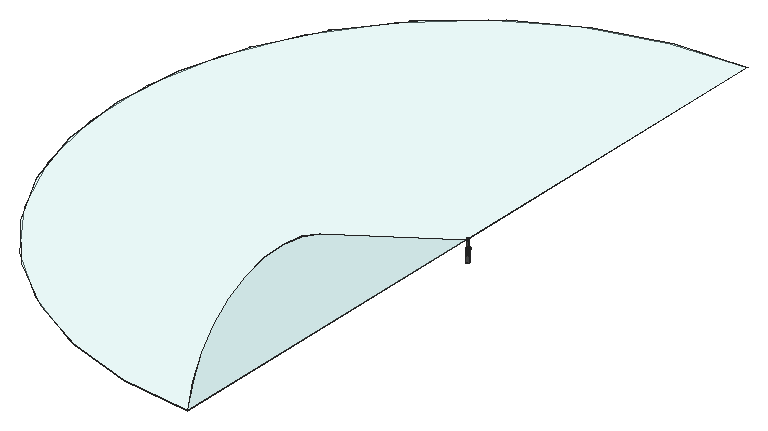
Revit family "Rotor 3500 Series - 3504PC", category Acessórios do tubo, Revit 2020
Family settings
  Cota do conector redondo = Utilizar diâmetro
  Tipo de parte = Normal
  Número OmniClass = 23.60.30.11.14
  Título OmniClass = Pipework Fittings
  Com base no plano de trabalho = Não
  Sempre na vertical = Sim
  Corte com vazios quando carregada = Não
  Compartilhado = Não
Parameters (values of type "Nozzle 0.75")
  Water = Water
  URL = "https://www.rainbird.com/"
  TABLE PRESSURE = "Press."
  TABLE 55 = "TABLE 55psi"
  TABLE 45 = "TABLE 45psi"
  TABLE 35 = "TABLE 35psi"
  TABLE 25 = "TABLE 25psi"
  SupportProjetos: Reviw Date = ""  # constant formula
  SupportProjetos: Reviw = "R00"  # constant formula
  SupportProjetos: Level of Detail = "LOD 300"  # constant formula
  SupportProjetos: Developed = "MICHEL SOARES MOTA"  # constant formula
  SupportProjetos: Creation Date = "06/08/2020"  # constant formula
  Side inlet = no
  Rotation Water Visibility [instance] = Pop up on  # yes
  Rotation Angle [instance] = 180.00°
  RainBird: Product Link = "https://www.rainbird.com/"
  RainBird: Description = "3504PC: 4 Rotor"  # constant formula
  RainBird: Comment [instance] = ""
  RainBird: Code = "Y34000"  # constant formula
  Radius [instance] = if(Instance = 1, size_lookup(TABLE PRESSURE, "Radius75", 0 ft, Pressure), if(Instance = 2, size_lookup(TABLE PRESSURE, "Radius1", 0 ft, Pressure), if(Instance = 3, size_lookup(TABLE PRESSURE, "Radius15", 0 ft, Pressure), if(Instance = 4, size_lookup(TABLE PRESSURE, "Radius2", 0 ft, Pressure), if(Instance = 5, size_lookup(TABLE PRESSURE, "Radius3", 0 ft, Pressure), if(Instance = 6, size_lookup(TABLE PRESSURE, "Radius4", 0 ft, Pressure), 0 ft))))))  # 15 ft
  RT = 0.009893 ft
  RN = 0.032808 ft
  R5 = 0.03937 ft
  R4 = 0.04101 ft
  R3 = 0.065617 ft
  R2 = 0.075407 ft
  R1 = 0.032808 ft
  Pressure [instance] = 25.0 psi
  Pop up height = 0.334646 ft
  Pop up on [instance] = yes
  Modelo = "3504PC"  # constant formula
  Instance = 1
  H1 = Body height / 3  # 0.194663 ft
  Flow [instance] = if(Pressure = 25.0 psi, size_lookup(TABLE 25, "Flow", 0.0 GPM, Radius), if(Pressure = 35.0 psi, size_lookup(TABLE 35, "Flow", 0.0 GPM, Radius), if(Pressure = 45.0 psi, size_lookup(TABLE 45, "Flow", 0.0 GPM, Radius), if(Pressure = 55.0 psi, size_lookup(TABLE 55, "Flow", 0.0 GPM, Radius), 0.0 GPM))))  # 0.54 GPM
  Fabricante = "Rain Bird"
  Elevação padrão = 0 ft
  Descrição = RainBird: Description  # "3504PC: 4 Rotor"
  DD13 = 0.002625 ft
  DD12 = 0.003937 ft
  DD11 = 0.009897 ft
  DD10 = 0.016404 ft
  DD8 [instance] = if(Pop up on, Pop up height, 0 ft)  # 0.334646 ft
  DD7 = 0.019685 ft
  DD6 [instance] = 0.016404 ft
  DD5 = 0.065617 ft
  DD4 = 0.032808 ft
  DD3 = 0.091048 ft
  DD2 [instance] = 0.024514 ft
  DD9 [instance] = if(Pop up on, Pop up height + 0.049541 ft, 0 ft)  # 0.384186 ft
  DD1 = 0.006562 ft
  Conection = 0.062664 ft  # constant formula
  Body height = 0.58399 ft
  Blue = Blue Plastic
  Black Plastic = Black Plastic
  Angle = 25.00°
Types (7, lengths in ft): name | Rotation Angle | Radius | Pressure | Instance | Flow
  (no name) | 180.00° | 15 | 25.0 psi | 1 | 0.54 GPM
  Nozzle 0.75 | 180.00° | 15 | 25.0 psi | 1 | 0.54 GPM
  Nozzle 1.0 | 360.00° | 21 | 35.0 psi | 2 | 0.92 GPM
  Nozzle 1.5 | 360.00° | 23 | 35.0 psi | 3 | 1.28 GPM
  Nozzle 2.0 | 360.00° | 27 | 35.0 psi | 4 | 1.69 GPM
  Nozzle 3.0 | 360.00° | 31 | 35.0 psi | 5 | 2.6 GPM
  Nozzle 4.0 | 360.00° | 33 | 35.0 psi | 6 | 3.58 GPM
Reference planes (ft)
  plane 1 "Centro (Frente/Trás)": y = 0
  plane 2: z = 0
  plane 3 "Centro (Esquerda/Direita)": x = 0
  plane 4: z = 0.003937
  plane 5: z = 0.002625
  plane 6: y = -0.065617
Forms (ft)
  Revolve 1, solid, material "Black Plastic" <- "Black Plastic"
    sketch origin (0, 0, 0) x (1, 0, 0) y (0, 0, 1)
      loop
        line (0.075407, -0.091048) -> (0.075407, -0.035324)
        arc (0.075407, -0.035324) -> (0.072509, -0.028329) -> (0.065514, -0.025431) r 0.009893
        line (0.065514, -0.025431) -> (0.046098, -0.025431) -> (0.046098, 0) -> (0.03937, 0) -> (0.03937, -0.334646) -> (0.019685, -0.334646) -> (0.019685, -0.577428) -> (0.032808, -0.577428) -> (0.032808, -0.58399) -> (0.04101, -0.58399) -> (0.04101, -0.577428) -> (0.055724, -0.577428)
        arc (0.055724, -0.577428) -> (0.062719, -0.57453) -> (0.065617, -0.567535) r 0.009893
        line (0.065617, -0.567535) -> (0.065617, -0.091048) -> (0.075407, -0.091048)
      axis (0, -0.58399) -> (0, 0)
    angle from 0 to 360
  Extrusion 2, solid, material "Black Plastic" <- "Black Plastic"
    sketch origin (0, 0, 0) x (1, 0, 0) y (0, 1, 0)
      loop
        circle (0, 0) r 0.032808
    from -0.334646 to 0.334646
  Extrusion 3, void
    sketch origin (0, 0, 0) x (1, 0, 0) y (0, 1, 0)
      loop
        circle (0, 0) r 0.022844
    from -0.334646 to 0.334646
  Revolve 4, solid, material "Black Plastic" <- "Black Plastic"
    sketch origin (0, 0, 0) x (1, 0, 0) y (0, 0, 1)
      loop
        line (0, 0.334646) -> (0.037004, 0.334646) -> (0.037004, 0.344543)
        arc (0.037004, 0.344543) -> (0.01879, 0.349436) -> (0, 0.35105) r 0.10685
        line (0, 0.35105) -> (0, 0.334646)
      axis (0, 0.334646) -> (0, 0.35105)
    angle from 0 to 360
  Extrusion 5, solid, material "Blue Plastic" <- "Blue"
    sketch origin (0, 0, 0) x (1, 0, 0) y (0, 0, 1)
      loop
        circle (0, 0.310131) r 0.009129
      loop
        circle (0, 0.310131) r 0.004793
    from 0 to 0.034386
  Extrusion 6, void
    sketch origin (0, 0, 0) x (1, 0, 0) y (0, 0, 1)
      loop
        line (-0.02074, 0.328055) -> (-0.02074, 0.282426) -> (0.020672, 0.282426) -> (0.020672, 0.328055) -> (-0.02074, 0.328055)
      loop
        line (-0.018439, 0.325179) -> (-0.018439, 0.285685) -> (0.018179, 0.285685) -> (0.018179, 0.325179) -> (-0.018439, 0.325179)
    from 0.024556 to 0.06931
  Extrusion 7, solid, material "Black Plastic" <- "Black Plastic"
    sketch origin (0, 0, 0) x (1, 0, 0) y (0, 0, 1)
      loop
        line (0.046098, 0) -> (0.046098, -0.036876) -> (0.073493, -0.036876) -> (0.046098, 0)
    from -0.002998 to 0.002998
  Extrusion 8, solid, material "Black Plastic" <- "Black Plastic"
    sketch origin (0, 0, 0) x (-1, 0, 0) y (0, 0, -1)
      loop
        line (0.046098, 0) -> (0.073493, 0.036876) -> (0.046098, 0.036876) -> (0.046098, 0)
    from -0.002998 to 0.002998
  Extrusion 9, solid, material "Black Plastic" <- "Black Plastic"
    sketch origin (0, 0, 0) x (0.866025, 0.5, 0) y (0, 0, 1)
      loop
        line (0.046098, 0) -> (0.046098, -0.036876) -> (0.073493, -0.036876) -> (0.046098, 0)
    from -0.002998 to 0.002998
  Extrusion 10, solid, material "Black Plastic" <- "Black Plastic"
    sketch origin (0, 0, 0) x (-0.866025, -0.5, 0) y (0, 0, -1)
      loop
        line (0.046098, 0) -> (0.073493, 0.036876) -> (0.046098, 0.036876) -> (0.046098, 0)
    from -0.002998 to 0.002998
  Extrusion 11, solid, material "Black Plastic" <- "Black Plastic"
    sketch origin (0, 0, 0) x (0, 1, 0) y (0, 0, 1)
      loop
        line (0.046098, 0) -> (0.046098, -0.036876) -> (0.073493, -0.036876) -> (0.046098, 0)
    from -0.002998 to 0.002998
  Extrusion 12, solid, material "Black Plastic" <- "Black Plastic"
    sketch origin (0, 0, 0) x (0, -1, 0) y (0, 0, -1)
      loop
        line (0.046098, 0) -> (0.073493, 0.036876) -> (0.046098, 0.036876) -> (0.046098, 0)
    from -0.002998 to 0.002998
  Extrusion 13, solid, material "Black Plastic" <- "Black Plastic"
    sketch origin (0, 0, 0) x (0.5, 0.866025, 0) y (0, 0, 1)
      loop
        line (0.046098, 0) -> (0.046098, -0.036876) -> (0.073493, -0.036876) -> (0.046098, 0)
    from -0.002998 to 0.002998
  Extrusion 14, solid, material "Black Plastic" <- "Black Plastic"
    sketch origin (0, 0, 0) x (-0.5, -0.866025, 0) y (0, 0, -1)
      loop
        line (0.046098, 0) -> (0.073493, 0.036876) -> (0.046098, 0.036876) -> (0.046098, 0)
    from -0.002998 to 0.002998
  Extrusion 15, solid, material "Black Plastic" <- "Black Plastic"
    sketch origin (0, 0, 0) x (-0.5, 0.866025, 0) y (0, 0, 1)
      loop
        line (0.046098, 0) -> (0.046098, -0.036876) -> (0.073493, -0.036876) -> (0.046098, 0)
    from -0.002998 to 0.002998
  Extrusion 16, solid, material "Black Plastic" <- "Black Plastic"
    sketch origin (0, 0, 0) x (0.5, -0.866025, 0) y (0, 0, -1)
      loop
        line (0.046098, 0) -> (0.073493, 0.036876) -> (0.046098, 0.036876) -> (0.046098, 0)
    from -0.002998 to 0.002998
  Extrusion 17, solid, material "Black Plastic" <- "Black Plastic"
    sketch origin (0, 0, 0) x (-0.866025, 0.5, 0) y (0, 0, 1)
      loop
        line (0.046098, 0) -> (0.046098, -0.036876) -> (0.073493, -0.036876) -> (0.046098, 0)
    from -0.002998 to 0.002998
  Extrusion 18, solid, material "Black Plastic" <- "Black Plastic"
    sketch origin (0, 0, 0) x (0.866025, -0.5, 0) y (0, 0, -1)
      loop
        line (0.046098, 0) -> (0.073493, 0.036876) -> (0.046098, 0.036876) -> (0.046098, 0)
    from -0.002998 to 0.002998
  Extrusion 19, void
    sketch origin (0, 0, 0) x (1, 0, 0) y (0, 1, 0)
      loop
        line (-0.002998, 0.077702) -> (-0.002998, 0.071655) -> (0.002998, 0.071655) -> (0.002998, 0.077702) -> (-0.002998, 0.077702)
    from -0.091048 to 0.82021
  Extrusion 20, void
    sketch origin (0, 0, 0) x (1, 0, 0) y (0, 1, 0)
      loop
        line (0.002998, -0.077702) -> (0.002998, -0.071655) -> (-0.002998, -0.071655) -> (-0.002998, -0.077702) -> (0.002998, -0.077702)
    from -0.091048 to 0.82021
  Extrusion 21, void
    sketch origin (0, 0, 0) x (0.965926, 0.258819, 0) y (-0.258819, 0.965926, 0)
      loop
        line (-0.002998, 0.077702) -> (-0.002998, 0.071655) -> (0.002998, 0.071655) -> (0.002998, 0.077702) -> (-0.002998, 0.077702)
    from -0.091048 to 0.82021
  Extrusion 22, void
    sketch origin (0, 0, 0) x (0.965926, 0.258819, 0) y (-0.258819, 0.965926, 0)
      loop
        line (0.002998, -0.077702) -> (0.002998, -0.071655) -> (-0.002998, -0.071655) -> (-0.002998, -0.077702) -> (0.002998, -0.077702)
    from -0.091048 to 0.82021
  Extrusion 23, void
    sketch origin (0, 0, 0) x (0.866025, 0.5, 0) y (-0.5, 0.866025, 0)
      loop
        line (-0.002998, 0.077702) -> (-0.002998, 0.071655) -> (0.002998, 0.071655) -> (0.002998, 0.077702) -> (-0.002998, 0.077702)
    from -0.091048 to 0.82021
  Extrusion 24, void
    sketch origin (0, 0, 0) x (0.866025, 0.5, 0) y (-0.5, 0.866025, 0)
      loop
        line (0.002998, -0.077702) -> (0.002998, -0.071655) -> (-0.002998, -0.071655) -> (-0.002998, -0.077702) -> (0.002998, -0.077702)
    from -0.091048 to 0.82021
  Extrusion 25, void
    sketch origin (0, 0, 0) x (0.5, 0.866025, 0) y (-0.866025, 0.5, 0)
      loop
        line (-0.002998, 0.077702) -> (-0.002998, 0.071655) -> (0.002998, 0.071655) -> (0.002998, 0.077702) -> (-0.002998, 0.077702)
    from -0.091048 to 0.82021
  Extrusion 26, void
    sketch origin (0, 0, 0) x (0.5, 0.866025, 0) y (-0.866025, 0.5, 0)
      loop
        line (0.002998, -0.077702) -> (0.002998, -0.071655) -> (-0.002998, -0.071655) -> (-0.002998, -0.077702) -> (0.002998, -0.077702)
    from -0.091048 to 0.82021
  Extrusion 27, void
    sketch origin (0, 0, 0) x (0.707107, 0.707107, 0) y (-0.707107, 0.707107, 0)
      loop
        line (-0.002998, 0.077702) -> (-0.002998, 0.071655) -> (0.002998, 0.071655) -> (0.002998, 0.077702) -> (-0.002998, 0.077702)
    from -0.091048 to 0.82021
  Extrusion 28, void
    sketch origin (0, 0, 0) x (0.707107, 0.707107, 0) y (-0.707107, 0.707107, 0)
      loop
        line (0.002998, -0.077702) -> (0.002998, -0.071655) -> (-0.002998, -0.071655) -> (-0.002998, -0.077702) -> (0.002998, -0.077702)
    from -0.091048 to 0.82021
  Extrusion 29, void
    sketch origin (0, 0, 0) x (0.258819, 0.965926, 0) y (-0.965926, 0.258819, 0)
      loop
        line (-0.002998, 0.077702) -> (-0.002998, 0.071655) -> (0.002998, 0.071655) -> (0.002998, 0.077702) -> (-0.002998, 0.077702)
    from -0.091048 to 0.82021
  Extrusion 30, void
    sketch origin (0, 0, 0) x (0.258819, 0.965926, 0) y (-0.965926, 0.258819, 0)
      loop
        line (0.002998, -0.077702) -> (0.002998, -0.071655) -> (-0.002998, -0.071655) -> (-0.002998, -0.077702) -> (0.002998, -0.077702)
    from -0.091048 to 0.82021
  Extrusion 31, void
    sketch origin (0, 0, 0) x (0, 1, 0) y (-1, 0, 0)
      loop
        line (-0.002998, 0.077702) -> (-0.002998, 0.071655) -> (0.002998, 0.071655) -> (0.002998, 0.077702) -> (-0.002998, 0.077702)
    from -0.091048 to 0.82021
  Extrusion 32, void
    sketch origin (0, 0, 0) x (0, 1, 0) y (-1, 0, 0)
      loop
        line (0.002998, -0.077702) -> (0.002998, -0.071655) -> (-0.002998, -0.071655) -> (-0.002998, -0.077702) -> (0.002998, -0.077702)
    from -0.091048 to 0.82021
  Extrusion 33, void
    sketch origin (0, 0, 0) x (-0.258819, 0.965926, 0) y (-0.965926, -0.258819, 0)
      loop
        line (-0.002998, 0.077702) -> (-0.002998, 0.071655) -> (0.002998, 0.071655) -> (0.002998, 0.077702) -> (-0.002998, 0.077702)
    from -0.091048 to 0.82021
  Extrusion 34, void
    sketch origin (0, 0, 0) x (-0.258819, 0.965926, 0) y (-0.965926, -0.258819, 0)
      loop
        line (0.002998, -0.077702) -> (0.002998, -0.071655) -> (-0.002998, -0.071655) -> (-0.002998, -0.077702) -> (0.002998, -0.077702)
    from -0.091048 to 0.82021
  Extrusion 35, void
    sketch origin (0, 0, 0) x (-0.5, 0.866025, 0) y (-0.866025, -0.5, 0)
      loop
        line (-0.002998, 0.077702) -> (-0.002998, 0.071655) -> (0.002998, 0.071655) -> (0.002998, 0.077702) -> (-0.002998, 0.077702)
    from -0.091048 to 0.82021
  Extrusion 36, void
    sketch origin (0, 0, 0) x (-0.5, 0.866025, 0) y (-0.866025, -0.5, 0)
      loop
        line (0.002998, -0.077702) -> (0.002998, -0.071655) -> (-0.002998, -0.071655) -> (-0.002998, -0.077702) -> (0.002998, -0.077702)
    from -0.091048 to 0.82021
  Extrusion 37, void
    sketch origin (0, 0, 0) x (-0.707107, 0.707107, 0) y (-0.707107, -0.707107, 0)
      loop
        line (-0.002998, 0.077702) -> (-0.002998, 0.071655) -> (0.002998, 0.071655) -> (0.002998, 0.077702) -> (-0.002998, 0.077702)
    from -0.091048 to 0.82021
  Extrusion 38, void
    sketch origin (0, 0, 0) x (-0.707107, 0.707107, 0) y (-0.707107, -0.707107, 0)
      loop
        line (0.002998, -0.077702) -> (0.002998, -0.071655) -> (-0.002998, -0.071655) -> (-0.002998, -0.077702) -> (0.002998, -0.077702)
    from -0.091048 to 0.82021
  Extrusion 39, void
    sketch origin (0, 0, 0) x (-0.866025, 0.5, 0) y (-0.5, -0.866025, 0)
      loop
        line (-0.002998, 0.077702) -> (-0.002998, 0.071655) -> (0.002998, 0.071655) -> (0.002998, 0.077702) -> (-0.002998, 0.077702)
    from -0.091048 to 0.82021
  Extrusion 40, void
    sketch origin (0, 0, 0) x (-0.866025, 0.5, 0) y (-0.5, -0.866025, 0)
      loop
        line (0.002998, -0.077702) -> (0.002998, -0.071655) -> (-0.002998, -0.071655) -> (-0.002998, -0.077702) -> (0.002998, -0.077702)
    from -0.091048 to 0.82021
  Extrusion 41, void
    sketch origin (0, 0, 0) x (-0.965926, 0.258819, 0) y (-0.258819, -0.965926, 0)
      loop
        line (-0.002998, 0.077702) -> (-0.002998, 0.071655) -> (0.002998, 0.071655) -> (0.002998, 0.077702) -> (-0.002998, 0.077702)
    from -0.091048 to 0.82021
  Extrusion 42, void
    sketch origin (0, 0, 0) x (-0.965926, 0.258819, 0) y (-0.258819, -0.965926, 0)
      loop
        line (0.002998, -0.077702) -> (0.002998, -0.071655) -> (-0.002998, -0.071655) -> (-0.002998, -0.077702) -> (0.002998, -0.077702)
    from -0.091048 to 0.82021
  Extrusion 43, solid, material "Water" <- "Water", visible <- "Rotation Water Visibility"
    sketch origin (0, 0, 0) x (0, 1, 0) y (0, 0, 1)
      loop
        line (-0.032808, 0.310131) -> (-7.934519, 3.994759)
        arc (-7.934519, 3.994759) -> (-12.390858, 3.90012) -> (-15.032808, 0.310131) r 5.044915
        line (-15.032808, 0.310131) -> (-0.032808, 0.310131)
    from -0.008202 to 0.008202
Cuts and joins
  Extrusion 3, Extrusion 6 cuts Extrusion 2
  Extrusion 19, Extrusion 20, Extrusion 21, Extrusion 22, Extrusion 23, Extrusion 24, Extrusion 25, Extrusion 26, Extrusion 27, Extrusion 28, Extrusion 29, Extrusion 30, Extrusion 31, Extrusion 32, Extrusion 33, Extrusion 34, Extrusion 35, Extrusion 36, Extrusion 37, Extrusion 38, Extrusion 39, Extrusion 40, Extrusion 41, Extrusion 42 cuts Revolve 1
Dimensions and locks (ft)
  "Body height": level to Revolve 1 sketch curve
  "R2": Revolve 1 sketch curve to plane 3 "Centro (Esquerda/Direita)"
  "DD1": Revolve 1 sketch curve to Revolve 1 sketch curve
  "DD3": level to Revolve 1 sketch curve
  Revolve 1 sketch curve to plane 3 "Centro (Esquerda/Direita)" = 0.065617 ft
  "R4": Revolve 1 sketch curve to plane 3 "Centro (Esquerda/Direita)"
  "RN": Revolve 1 sketch curve to plane 3 "Centro (Esquerda/Direita)"
  "Pop up height": level to Revolve 1 sketch curve
  "R5": plane 3 "Centro (Esquerda/Direita)" to Revolve 1 sketch curve
  "DD7": Revolve 1 sketch curve to plane 3 "Centro (Esquerda/Direita)"
  "DD8": Extrusion 2 to level
  "DD12": plane 4 to level
  "DD13": plane 5 to level
  "R3": plane 6 to plane 1 "Centro (Frente/Trás)"
  "DD5": Revolve 1 sketch curve to Revolve 1 sketch curve
  "DD10": Revolve 4 sketch curve to Revolve 4 sketch curve
  "DD11": Revolve 4 sketch curve to Revolve 4 sketch curve
  "DD2": Revolve 4 to Extrusion 5 sketch curve  (x2)
  Extrusion 7 to plane 3 "Centro (Esquerda/Direita)" = 0.046098 ft
  equal spacing: Extrusion 7, plane 1 "Centro (Frente/Trás)", Extrusion 7
  Extrusion 8 to Extrusion 8 = 0.005995 ft
  Extrusion 9 to Extrusion 9 = 0.005995 ft
  Extrusion 20 sketch curve to Extrusion 20 sketch curve = 0.005995 ft
  Extrusion 22 sketch curve to Extrusion 22 sketch curve = 0.005995 ft
  Extrusion 24 sketch curve to Extrusion 24 sketch curve = 0.005995 ft
  Extrusion 26 sketch curve to Extrusion 26 sketch curve = 0.005995 ft
  Extrusion 28 sketch curve to Extrusion 28 sketch curve = 0.005995 ft
  Extrusion 30 sketch curve to Extrusion 30 sketch curve = 0.005995 ft
  Extrusion 32 sketch curve to Extrusion 32 sketch curve = 0.005995 ft
  Extrusion 34 sketch curve to Extrusion 34 sketch curve = 0.005995 ft
  Extrusion 36 sketch curve to Extrusion 36 sketch curve = 0.005995 ft
  Extrusion 38 sketch curve to Extrusion 38 sketch curve = 0.005995 ft
  Extrusion 40 sketch curve to Extrusion 40 sketch curve = 0.005995 ft
  Extrusion 42 sketch curve to Extrusion 42 sketch curve = 0.005995 ft
  "DD4": plane 1 "Centro (Frente/Trás)" to Extrusion 43 sketch curve
  "DD2": Revolve 4 to Extrusion 43 sketch curve
  "Radius": Extrusion 43 sketch curve to Extrusion 43 sketch curve
  equal spacing: Extrusion 43, plane 3 "Centro (Esquerda/Direita)", Extrusion 43
  "DD6": Extrusion 43 to Extrusion 43
  "DD2": Revolve 4 to nested 1
  "RT": radius of Revolve 1 sketch curve  (x2)
  "R1": radius of Extrusion 2 sketch curve
  "Angle": angle Extrusion 43 sketch curve to Extrusion 43 sketch curve
  aligned and locked: level to plane 2
  aligned and locked: Revolve 1 sketch curve to Revolve 1 sketch curve
  aligned and locked: Extrusion 2 to Revolve 1
  aligned and locked: cut or joined group of Extrusion 2, Extrusion 3, Extrusion 6 to cut or joined group of Extrusion 2, Extrusion 3, Extrusion 6  (x2)
  aligned and locked: Revolve 4 sketch curve to cut or joined group of Extrusion 2, Extrusion 3, Extrusion 6
  aligned and locked: Extrusion 20 to Revolve 1
  aligned and locked: Extrusion 22 to Revolve 1
  aligned and locked: Extrusion 24 to Revolve 1
  aligned and locked: Extrusion 28 to Revolve 1
  aligned and locked: Extrusion 26 to Revolve 1
  aligned and locked: Extrusion 30 to Revolve 1
  aligned and locked: Extrusion 32 to Revolve 1
  aligned and locked: Extrusion 34 to Revolve 1
  aligned and locked: Revolve 1 to Extrusion 36
  aligned and locked: Revolve 1 to Extrusion 38
  aligned and locked: Extrusion 41 to Revolve 1
  aligned and locked: Extrusion 39 to Revolve 1
  aligned and locked: Extrusion 37 to Revolve 1
  aligned and locked: Extrusion 35 to Revolve 1
  aligned and locked: Extrusion 33 to Revolve 1
  aligned and locked: Extrusion 31 to Revolve 1
  aligned and locked: Extrusion 29 to Revolve 1
  aligned and locked: Revolve 1 to Extrusion 25
  aligned and locked: Revolve 1 to Extrusion 27
  aligned and locked: Revolve 1 to Extrusion 19
  aligned and locked: Revolve 1 to Extrusion 21
  aligned and locked: Revolve 1 to Extrusion 42
  aligned and locked: Revolve 1 to Extrusion 40
  aligned and locked: Revolve 1 to Extrusion 23
Automatic sketch dimensions
  plane 1 "Centro (Frente/Trás)" to Extrusion 2 sketch curve = 0 ft
  Extrusion 2 sketch curve to plane 3 "Centro (Esquerda/Direita)" = 0 ft
  plane 1 "Centro (Frente/Trás)" to Extrusion 3 sketch curve = 0 ft
  Extrusion 3 sketch curve to plane 3 "Centro (Esquerda/Direita)" = 0 ft
  Revolve 4 sketch curve to plane 3 "Centro (Esquerda/Direita)" = 0 ft  (x2)
  plane 3 "Centro (Esquerda/Direita)" to Revolve 4 sketch curve = 0.000284 ft
  plane 3 "Centro (Esquerda/Direita)" to Revolve 4 sketch curve = 0.037004 ft
  Revolve 4 sketch curve to Revolve 4 sketch curve = 0.015719 ft
  Revolve 4 sketch curve to Revolve 4 sketch curve = 0.114829 ft
  Extrusion 5 sketch curve to Extrusion 5 sketch curve = 0 ft
  Extrusion 5 sketch curve to plane 3 "Centro (Esquerda/Direita)" = 0 ft
  Extrusion 6 sketch curve to plane 3 "Centro (Esquerda/Direita)" = 0.02074 ft
  Extrusion 6 sketch curve to Extrusion 6 sketch curve = 0.002301 ft
  plane 3 "Centro (Esquerda/Direita)" to Extrusion 6 sketch curve = 0.018179 ft
  Extrusion 6 sketch curve to Extrusion 6 sketch curve = 0.002492 ft
  plane 4 to Extrusion 6 sketch curve = 0.278489 ft
  Extrusion 6 sketch curve to Extrusion 6 sketch curve = 0.003259 ft
  Extrusion 6 sketch curve to Extrusion 6 sketch curve = 0.039494 ft
  Extrusion 6 sketch curve to Extrusion 6 sketch curve = 0.002876 ft
  Extrusion 7 sketch curve to level = 0 ft
  plane 3 "Centro (Esquerda/Direita)" to Extrusion 7 sketch curve = 0.046098 ft
  Extrusion 7 sketch curve to Extrusion 7 sketch curve = 0.027396 ft
  Extrusion 7 sketch curve to Extrusion 7 sketch curve = 0.036876 ft
  Extrusion 8 sketch curve to level = 0 ft
  plane 3 "Centro (Esquerda/Direita)" to Extrusion 8 sketch curve = 0.046098 ft
  Extrusion 8 sketch curve to Extrusion 8 sketch curve = 0.027396 ft
  Extrusion 8 sketch curve to Extrusion 8 sketch curve = 0.036876 ft
  Extrusion 9 sketch curve to level = 0 ft
  Extrusion 9 sketch curve to level = 0.036876 ft
  Extrusion 9 sketch curve to Extrusion 9 sketch curve = 0.027396 ft
  Extrusion 10 sketch curve to level = 0 ft
  Extrusion 10 sketch curve to level = 0.036876 ft
  Extrusion 10 sketch curve to Extrusion 10 sketch curve = 0.027396 ft
  Extrusion 11 sketch curve to level = 0 ft
  Extrusion 11 sketch curve to plane 1 "Centro (Frente/Trás)" = 0.046098 ft
  Extrusion 11 sketch curve to Extrusion 11 sketch curve = 0.027396 ft
  Extrusion 11 sketch curve to Extrusion 11 sketch curve = 0.036876 ft
  Extrusion 12 sketch curve to level = 0 ft
  plane 6 to Extrusion 12 sketch curve = 0.019519 ft
  Extrusion 12 sketch curve to plane 6 = 0.007877 ft
  Extrusion 12 sketch curve to level = 0.036876 ft
  Extrusion 13 sketch curve to level = 0 ft
  Extrusion 13 sketch curve to level = 0.036876 ft
  Extrusion 13 sketch curve to Extrusion 13 sketch curve = 0.027396 ft
  Extrusion 14 sketch curve to level = 0 ft
  Extrusion 14 sketch curve to level = 0.036876 ft
  Extrusion 14 sketch curve to Extrusion 14 sketch curve = 0.027396 ft
  level to Extrusion 15 sketch curve = 0 ft
  Extrusion 15 sketch curve to level = 0.036876 ft
  Extrusion 15 sketch curve to Extrusion 15 sketch curve = 0.027396 ft
  level to Extrusion 16 sketch curve = 0 ft
  Extrusion 16 sketch curve to level = 0.036876 ft
  Extrusion 16 sketch curve to Extrusion 16 sketch curve = 0.027396 ft
  level to Extrusion 17 sketch curve = 0 ft
  Extrusion 17 sketch curve to level = 0.036876 ft
  Extrusion 17 sketch curve to Extrusion 17 sketch curve = 0.027396 ft
  level to Extrusion 18 sketch curve = 0 ft
  Extrusion 18 sketch curve to level = 0.036876 ft
  Extrusion 18 sketch curve to Extrusion 18 sketch curve = 0.027396 ft
  Extrusion 19 sketch curve to plane 3 "Centro (Esquerda/Direita)" = 0.002998 ft
  Extrusion 19 sketch curve to plane 1 "Centro (Frente/Trás)" = 0.071655 ft
  Extrusion 19 sketch curve to Extrusion 19 sketch curve = 0.006047 ft
  plane 3 "Centro (Esquerda/Direita)" to Extrusion 20 sketch curve = 0.002998 ft
  plane 6 to Extrusion 20 sketch curve = 0.006038 ft
  Extrusion 20 sketch curve to Extrusion 20 sketch curve = 0.006047 ft
  plane 3 "Centro (Esquerda/Direita)" to Extrusion 19 sketch curve = 0.002998 ft
  Extrusion 21 sketch curve to plane 3 "Centro (Esquerda/Direita)" = 0.021441 ft
  Extrusion 21 sketch curve to plane 1 "Centro (Frente/Trás)" = 0.068438 ft
  Extrusion 21 sketch curve to Extrusion 21 sketch curve = 0.005995 ft
  Extrusion 21 sketch curve to Extrusion 21 sketch curve = 0.006047 ft
  Extrusion 22 sketch curve to plane 6 = 0.010213 ft
  plane 3 "Centro (Esquerda/Direita)" to Extrusion 22 sketch curve = 0.017215 ft
  Extrusion 22 sketch curve to Extrusion 22 sketch curve = 0.006047 ft
  Extrusion 23 sketch curve to plane 3 "Centro (Esquerda/Direita)" = 0.038424 ft
  Extrusion 23 sketch curve to plane 1 "Centro (Frente/Trás)" = 0.060556 ft
  Extrusion 23 sketch curve to Extrusion 23 sketch curve = 0.005995 ft
  Extrusion 23 sketch curve to Extrusion 23 sketch curve = 0.006047 ft
  Extrusion 24 sketch curve to plane 6 = 0.003174 ft
  plane 3 "Centro (Esquerda/Direita)" to Extrusion 24 sketch curve = 0.036255 ft
  Extrusion 24 sketch curve to Extrusion 24 sketch curve = 0.006047 ft
  Extrusion 25 sketch curve to plane 1 "Centro (Frente/Trás)" = 0.033231 ft
  Extrusion 25 sketch curve to plane 3 "Centro (Esquerda/Direita)" = 0.063554 ft
  Extrusion 25 sketch curve to Extrusion 25 sketch curve = 0.005995 ft
  Extrusion 25 sketch curve to Extrusion 25 sketch curve = 0.006047 ft
  Extrusion 26 sketch curve to plane 6 = 0.02417 ft
  Extrusion 26 sketch curve to plane 3 "Centro (Esquerda/Direita)" = 0.065793 ft
  Extrusion 26 sketch curve to Extrusion 26 sketch curve = 0.006047 ft
  Extrusion 27 sketch curve to plane 1 "Centro (Frente/Trás)" = 0.048548 ft
  Extrusion 27 sketch curve to plane 3 "Centro (Esquerda/Direita)" = 0.052787 ft
  Extrusion 27 sketch curve to Extrusion 27 sketch curve = 0.005995 ft
  Extrusion 27 sketch curve to Extrusion 27 sketch curve = 0.006047 ft
  plane 6 to Extrusion 28 sketch curve = 0.008554 ft
  plane 3 "Centro (Esquerda/Direita)" to Extrusion 28 sketch curve = 0.052824 ft
  Extrusion 28 sketch curve to Extrusion 28 sketch curve = 0.006047 ft
  Extrusion 29 sketch curve to plane 1 "Centro (Frente/Trás)" = 0.01565 ft
  Extrusion 29 sketch curve to plane 3 "Centro (Esquerda/Direita)" = 0.069989 ft
  Extrusion 29 sketch curve to Extrusion 29 sketch curve = 0.005995 ft
  Extrusion 29 sketch curve to Extrusion 29 sketch curve = 0.006047 ft
  plane 1 "Centro (Frente/Trás)" to Extrusion 30 sketch curve = 0.023006 ft
  plane 3 "Centro (Esquerda/Direita)" to Extrusion 30 sketch curve = 0.074278 ft
  Extrusion 30 sketch curve to Extrusion 30 sketch curve = 0.006047 ft
  plane 1 "Centro (Frente/Trás)" to Extrusion 31 sketch curve = 0.002998 ft
  Extrusion 31 sketch curve to plane 1 "Centro (Frente/Trás)" = 0.002998 ft
  Extrusion 31 sketch curve to plane 3 "Centro (Esquerda/Direita)" = 0.071655 ft
  Extrusion 31 sketch curve to Extrusion 31 sketch curve = 0.006047 ft
  plane 1 "Centro (Frente/Trás)" to Extrusion 32 sketch curve = 0.002998 ft
  plane 3 "Centro (Esquerda/Direita)" to Extrusion 32 sketch curve = 0.077702 ft
  Extrusion 32 sketch curve to Extrusion 32 sketch curve = 0.006047 ft
  plane 1 "Centro (Frente/Trás)" to Extrusion 33 sketch curve = 0.021441 ft
  Extrusion 33 sketch curve to plane 3 "Centro (Esquerda/Direita)" = 0.068438 ft
  Extrusion 33 sketch curve to Extrusion 33 sketch curve = 0.005995 ft
  Extrusion 33 sketch curve to Extrusion 33 sketch curve = 0.006047 ft
  Extrusion 34 sketch curve to plane 1 "Centro (Frente/Trás)" = 0.017215 ft
  plane 3 "Centro (Esquerda/Direita)" to Extrusion 34 sketch curve = 0.07583 ft
  Extrusion 34 sketch curve to Extrusion 34 sketch curve = 0.006047 ft
  plane 6 to Extrusion 35 sketch curve = 0.027193 ft
  Extrusion 35 sketch curve to plane 3 "Centro (Esquerda/Direita)" = 0.060556 ft
  Extrusion 35 sketch curve to Extrusion 35 sketch curve = 0.005995 ft
  Extrusion 35 sketch curve to Extrusion 35 sketch curve = 0.006047 ft
  Extrusion 36 sketch curve to plane 1 "Centro (Frente/Trás)" = 0.036255 ft
  plane 3 "Centro (Esquerda/Direita)" to Extrusion 36 sketch curve = 0.068791 ft
  Extrusion 36 sketch curve to Extrusion 36 sketch curve = 0.006047 ft
  plane 6 to Extrusion 37 sketch curve = 0.012829 ft
  Extrusion 37 sketch curve to plane 3 "Centro (Esquerda/Direita)" = 0.048548 ft
  Extrusion 37 sketch curve to Extrusion 37 sketch curve = 0.005995 ft
  Extrusion 37 sketch curve to Extrusion 37 sketch curve = 0.006047 ft
  Extrusion 38 sketch curve to plane 1 "Centro (Frente/Trás)" = 0.052824 ft
  plane 3 "Centro (Esquerda/Direita)" to Extrusion 38 sketch curve = 0.057063 ft
  Extrusion 38 sketch curve to Extrusion 38 sketch curve = 0.006047 ft
  plane 6 to Extrusion 39 sketch curve = 0.002063 ft
  Extrusion 39 sketch curve to plane 3 "Centro (Esquerda/Direita)" = 0.033231 ft
  Extrusion 39 sketch curve to Extrusion 39 sketch curve = 0.005995 ft
  Extrusion 39 sketch curve to Extrusion 39 sketch curve = 0.006047 ft
  plane 3 "Centro (Esquerda/Direita)" to Extrusion 40 sketch curve = 0.041447 ft
  Extrusion 40 sketch curve to plane 1 "Centro (Frente/Trás)" = 0.065793 ft
  Extrusion 40 sketch curve to Extrusion 40 sketch curve = 0.006047 ft
  Extrusion 41 sketch curve to plane 6 = 0.004372 ft
  Extrusion 41 sketch curve to plane 3 "Centro (Esquerda/Direita)" = 0.01565 ft
  Extrusion 41 sketch curve to Extrusion 41 sketch curve = 0.005995 ft
  Extrusion 41 sketch curve to Extrusion 41 sketch curve = 0.006047 ft
  plane 3 "Centro (Esquerda/Direita)" to Extrusion 42 sketch curve = 0.023006 ft
  Extrusion 42 sketch curve to plane 1 "Centro (Frente/Trás)" = 0.074278 ft
  Extrusion 42 sketch curve to Extrusion 42 sketch curve = 0.006047 ft
  Revolve 1 sketch curve to plane 3 "Centro (Esquerda/Direita)" = 0 ft
  Revolve 1 sketch curve to level = 0 ft
  Revolve 1 sketch curve to Revolve 1 sketch curve = 0.019416 ft
  plane 4 to Revolve 1 sketch curve = 0.079347 ft
  Revolve 1 sketch curve to Revolve 1 sketch curve = 0.918635 ft
  Extrusion 43 sketch curve to level = 0.577487 ft
  radius of Extrusion 3 sketch curve = 0.022844 ft
  radius of Extrusion 5 sketch curve = 0.009129 ft
  radius of Extrusion 5 sketch curve = 0.004793 ft
Nested families (ft)
  nested 1: "Water" at (-0.000281, 0, 0.190873) x (0, -1, 0) z (0, 0, 1), DT9 <- "DD4", Radius <- "Radius", visible <- "Rotation Water Visibility", Rotation Angle <- "Rotation Angle", type "Water"
    with Rotation Angle 180.00°, Radius 15 ft, DT9 0.032808 ft, DT8 0 ft, DT7 60 ft, DT4 75 ft, Angle 2 180.00°
Connectors (ft)
  piping at (0, 0, -0.58399), diameter 2
    settings: on cut or joined group of Revolve 1, Extrusion 19, Extrusion 20, Extrusion 21, Extrusion 22, Extrusion 23, Extrusion 24, Extrusion 25, Extrusion 26, Extrusion 27, Extrusion 28, Extrusion 29, Extrusion 30, Extrusion 31, Extrusion 32, Extrusion 33, Extrusion 34, Extrusion 35, Extrusion 36, Extrusion 37, Extrusion 38, Extrusion 39, Extrusion 40, Extrusion 41, Extrusion 42, index 1, connector inside diameter 609.6 mm, connector length 0 ft, flow factor 0, pipe flow 0.0 GPM, pressure drop 0.0 psi, fitting loss kfactor 0, connector angle 0.00°, fixture units 0, engagement length 0 ft, angle of deflection 0.00°, flow configuration 0, flow direction 0, fitting loss method 0, system type 28, joint type 0, gender type 0, connector reference index -1, connector utility 0, adjustable connector no, is connector primary yes, connector description ""
Definition of nested family "Water"
  Parameters (values of type "Water")
    Water Visibility (Circle) = yes
    Water = none
    URL = ""
    SupportProjetos: Reviw Date = ""  # constant formula
    SupportProjetos: Level of Detail = "LOD 300"  # constant formula
    SupportProjetos: Developed = "MICHEL SOARES MOTA"  # constant formula
    SupportProjetos: Creation Date = "16/07/2020"  # constant formula
    Rotation Angle [instance] = 90.00°
    Reviw = "R00"  # constant formula
    Radius [instance] = 14 ft
    Model = ""
    Default Elevation = 4 ft
    Description = ""
    DT9 [instance] = 0.032808 ft
    DT8 [instance] = if(Rotation Angle = 360.00°, 10 ft, 0 ft)  # 0 ft
    DT7 [instance] = 4 * Radius  # 56 ft
    DT4 [instance] = 5 * Radius  # 70 ft
    DT2 = 0.098425 ft  # constant formula
    DT6 = 0 ft
    Angle 2 [instance] = if(Rotation Angle = 360.00°, 180.00°, 360.00° - Rotation Angle)  # 270.00°
  Reference planes (ft)
    plane 1 "Centro (Frente/Trás)": y = 0
    plane 2: z = 0
    plane 3 "Centro (Esquerda/Direita)": x = 0
  Forms (ft)
    Revolve 1, solid, material <- "Water", visible <- "Water Visibility (Circle)"
      sketch origin (0, 0, 0) x (1, 0, 0) y (0, 0, 1)
        loop
          line (0.032808, 0.098425) -> (14.032808, 0.098425) -> (14.032808, 0.119259) -> (0.032808, 0.119259) -> (0.032808, 0.098425)
        axis (0, 0.098425) -> (0, 0.119259)
      angle from 0 to 360
    Extrusion 2, void
      sketch origin (0, 0, 0) x (1, 0, 0) y (0, 1, 0)
        loop
          line (0, 0) -> (70, 0) -> (70, 56)
          arc (70, 56) -> (-70.459018, 51.588344) -> (0, -70) r 81.847109
          line (0, -70) -> (0, 0)
      from 0 to 15.189231
  Cuts and joins
    Extrusion 2 cuts Revolve 1
  Dimensions and locks (ft)
    "DT2": Revolve 1 sketch curve to level
    "DT4": Extrusion 2 sketch curve to Extrusion 2 sketch curve  (x2)
    "DT6": Extrusion 2 sketch curve to plane 3 "Centro (Esquerda/Direita)"
    "DT7": Extrusion 2 sketch curve to Extrusion 2 sketch curve
    "DT8": cut or joined group of Revolve 1, Extrusion 2 to level
    "Radius": Revolve 1 sketch curve to Revolve 1 sketch curve
    "DT9": Revolve 1 sketch curve to plane 3 "Centro (Esquerda/Direita)"
    "Angle 2": angle Extrusion 2 sketch curve to Extrusion 2 sketch curve
    aligned and locked: level to plane 2
    aligned and locked: plane 1 "Centro (Frente/Trás)" to Extrusion 2 sketch curve
  Automatic sketch dimensions
    plane 3 "Centro (Esquerda/Direita)" to Extrusion 2 sketch curve = 1.088227 ft
    Revolve 1 sketch curve to plane 3 "Centro (Esquerda/Direita)" = 0 ft
    Revolve 1 sketch curve to Revolve 1 sketch curve = 0.020833 ft
    Revolve 1 sketch curve to Revolve 1 sketch curve = 0.032113 ft
    Revolve 1 sketch curve to Revolve 1 sketch curve = 10.2693 ft
